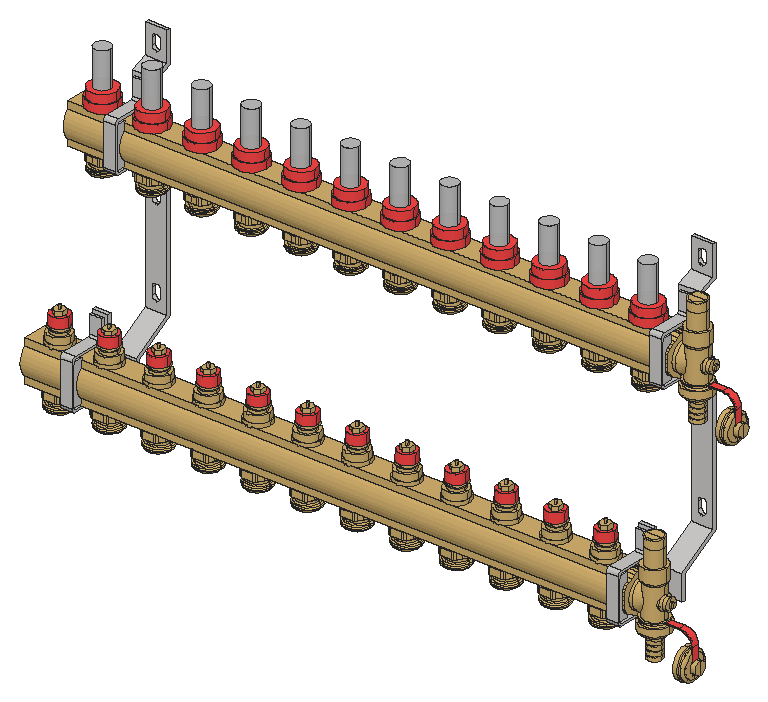
Revit family "Manifold FHF-F_2-12_RFA", category Pipe Accessories, Revit 2019
Family settings
  Round Connector Dimension = Use Diameter
  Part Type = Normal
  OmniClass Number = 23.65.55.14.17
  OmniClass Title = Adjusting/Controlling Valves for Liquid Services
  Work Plane-Based = No
  Always vertical = Yes
  Cut with Voids When Loaded = No
  Shared = No
Parameters (values of type "Manifold FHF-F_12+12_088U0532")
  z [instance] = Offset Z + 1000 mm  # 1213 mm
  y [instance] = Offset Y + 500 mm  # 523 mm
  x [instance] = Offset X + 1000 mm  # 1025 mm
  Offset Y [instance] = 23 mm
  W [instance] = 36 mm  # constant formula
  Valve Body Material = Danfoss Brass
  URL = "https://store.danfoss.com/en/Climate-Solutions-for-heating/Hydronic-floor-heating/Manifolds/c/4213?q=%3Arelevance%3Adanfoss_producttypehierarchydesc%3Acba38471099edfc44d464a9e35ed050af25c8245&text="
  Pressure Drop [instance] = 0.0 Pa
  Number of Circuits = 12
  Model Type = "Manifold FHF-F_12+12"
  Model = "088U0532"
  Max Working Temperature = "90 °C"  # constant formula
  Max Operating Pressure = "6 bar"  # constant formula
  Max Differential Pressure = "0.6 bar"  # constant formula
  Manufacturer = "Danfoss"  # constant formula
  Offset X [instance] = 25 mm
  Manual airvent [instance] = not(Automatic airvent)  # yes
  Length = L1 - 11 mm  # 600 mm
  LOD 350 = not(LOD 200)  # yes
  LOD 200 = no
  L1 = 611 mm
  L bracket = Number of Circuits * 50 mm - 50 mm  # 550 mm
  L = Length + 70 mm  # 670 mm
  IfcExportType = "FHF-F"  # constant formula
  IfcExportAs = "IfcValveType"  # constant formula
  Offset Z [instance] = 213 mm
  H2 = 38 mm  # constant formula
  H1 = 73.2 mm  # constant formula
  H [instance] = z - 1000 mm + H2 + H1  # 324.2 mm
  Flow 9 [instance] = 0.0 m³/h
  Flow 8 [instance] = 0.0 m³/h
  Flow 7 [instance] = 0.0 m³/h
  Flow 6 [instance] = 0.0 m³/h
  Flow 5 [instance] = 0.0 m³/h
  Flow 4 [instance] = 0.0 m³/h
  Flow 3 [instance] = 0.0 m³/h
  Flow 2 [instance] = 0.0 m³/h
  Flow 12 [instance] = 0.0 m³/h
  Flow 11 [instance] = 0.0 m³/h
  Flow 10 [instance] = 0.0 m³/h
  Flow 1 [instance] = 0.0 m³/h
  Flow [instance] = Flow 1 + Flow 2 + Flow 3 + Flow 4 + Flow 5 + Flow 6 + Flow 7 + Flow 8 + Flow 9 + Flow 10 + Flow 11 + Flow 12  # 0.0 m³/h
  End piece [instance] = if(Automatic airvent, [088U0785], [088U0786])  # _FHF-EA_EM : FHF-EM_088U0786
  Description = "Brass Manifold"  # constant formula
  D = 25 mm  # constant formula
  Automatic airvent [instance] = no
  Add bracket [instance] = yes
  088U0786 = _FHF-EA_EM : FHF-EM_088U0786
  088U0785 = _FHF-EA_EM : FHF-EA_088U0785
Reference planes
  plane 1 "Center (Front/Back)": y = 0
  plane 2: z = 0
  plane 3 "Center (Left/Right)": x = 0
  plane 4 "tube2": through (-27.999, -48.497, 1200) normal (0.9272, -0.3746, 0)
  plane 5: x = 600
  plane 6: z = -213
  plane 7: x = -25
  plane 8: x = 611
  plane 9: x = 25
  plane 10 "bottom manifold": y = -23
  plane 11: x = 575
  plane 12: x = 586
  plane 13: x = 0
  plane 14: x = 670.5
  plane 15 "H1": z = 73.2
  plane 16: z = -251
  plane 17: x = 670
  plane 18: z = -251
  plane 19: y = -18
  plane 20: y = 18
  plane 21: z = -251
  plane 22: x = 1000
  plane 23: z = 1000
  plane 24: y = 500
Forms (mm)
  Sweep 1, solid, material "Danfoss Brass" <- "Valve Body Material", visible <- "LOD 350", detail levels fine
    path origin (0, 0, 0) x (1, 0, 0) y (0, 0, 1)
      loop
        line (0, 0) -> (600, 0)
    profile origin (300, 0, 0) x (0, 0, 1) y (0, -1, 0)
      loop
        arc (-13.388, -12.476) -> (0, -18.3) -> (13.388, -12.476) r 18.3
        line (13.388, -12.476) -> (20.5, -12.476) -> (20.5, 12.476) -> (13.388, 12.476)
        arc (13.388, 12.476) -> (0, 18.3) -> (-13.388, 12.476) r 18.3
        line (-13.388, 12.476) -> (-20.5, 12.476) -> (-20.5, -12.476) -> (-13.388, -12.476)
  Sweep 2, solid, material "Danfoss Brass" <- "Valve Body Material", visible <- "LOD 350", detail levels fine
    path origin (-50, -23, 0) x (0, 0, 1) y (-1, 0, 0)
      loop
        line (-213, -25) -> (-213, -625)
    profile origin (275, -23, -213) x (0, 0, 1) y (0, -1, 0)
      loop
        arc (-13.388, -12.476) -> (0, -18.3) -> (13.388, -12.476) r 18.3
        line (13.388, -12.476) -> (20.5, -12.476) -> (20.5, 12.476) -> (13.388, 12.476)
        arc (13.388, 12.476) -> (0, 18.3) -> (-13.388, 12.476) r 18.3
        line (-13.388, 12.476) -> (-20.5, 12.476) -> (-20.5, -12.476) -> (-13.388, -12.476)
  Sweep 3, solid, material "Danfoss Brass" <- "Valve Body Material", visible <- "LOD 200", detail levels fine
    path origin (0, 0, 0) x (1, 0, 0) y (0, 0, 1)
      loop
        line (0, 0) -> (600, 0)
    profile origin (300, 0, 0) x (0, 0, 1) y (0, -1, 0)
      loop
        line (-20.5, -18.3) -> (20.5, -18.3) -> (20.5, 18.3) -> (-20.5, 18.3) -> (-20.5, -18.3)
  Sweep 4, solid, material "Danfoss Brass" <- "Valve Body Material", visible <- "LOD 200", detail levels fine
    path origin (-50, -23, 0) x (0, 0, 1) y (-1, 0, 0)
      loop
        line (-213, -25) -> (-213, -625)
    profile origin (275, -23, -213) x (0, 0, 1) y (0, -1, 0)
      loop
        line (-20.5, -18.3) -> (20.5, -18.3) -> (20.5, 18.3) -> (-20.5, 18.3) -> (-20.5, -18.3)
Dimensions and locks
  "L1": plane 8 to plane 3 "Center (Left/Right)"
  locked: plane 8 to plane 5 at 11
  locked: plane 9 to plane 3 "Center (Left/Right)" at 25
  equal spacing: group 1, group 2, group 5, group 7, group 8, group 11, group 12, group 13, group 14, group 15, group 16, group 17  (x3)
  locked: plane 12 to plane 11 at 11
  "L1": plane 12 to plane 7
  locked: plane 13 to plane 7 at 25
  plane 14 to plane 5 = 70.5 mm
  "H1": plane 15 "H1" to level
  "H2": plane 6 to plane 16
  "L": plane 17 to plane 3 "Center (Left/Right)"
  equal spacing: plane 19, plane 1 "Center (Front/Back)", plane 20
  "W": plane 19 to plane 20
  equal spacing: group 3, group 4, group 6, group 9, group 10, group 18, group 19, group 20, group 21, group 22, group 23, group 24  (x3)
  locked: nested 7 to nested 3 at 50
  locked: plane 5 to nested 6 at 10
  locked: plane 11 to nested 5 at 10
  "x": plane 22 to plane 7
  "y": plane 10 "bottom manifold" to plane 24
  "z": plane 23 to plane 6
  aligned and locked: level to plane 2
  aligned and locked: plane 9 to nested 1
  aligned and locked: level to nested 1
  aligned and locked: plane 5 to Sweep 1 sketch curve
  aligned and locked: Sweep 1 sketch curve to level
  aligned and locked: plane 3 "Center (Left/Right)" to Sweep 1 sketch curve
  aligned and locked: level to nested 2
  aligned and locked: plane 10 "bottom manifold" to nested 3
  aligned and locked: plane 10 "bottom manifold" to nested 5
  aligned and locked: plane 1 "Center (Front/Back)" to nested 6
  aligned and locked: plane 6 to nested 5
  aligned and locked: level to nested 6
  aligned and locked: plane 6 to nested 3
  aligned and locked: plane 13 to nested 3
  aligned and locked: plane 6 to nested 7
  aligned and locked: plane 10 "bottom manifold" to nested 7
Automatic sketch dimensions
  Sweep 1 sketch curve to Sweep 1 sketch curve = 0 mm  (x2)
  Sweep 1 sketch curve to profile plane = 0 mm
  profile plane to Sweep 1 sketch curve = 13.388 mm  (x2)
  Sweep 1 sketch curve to Sweep 1 sketch curve = 7.112 mm  (x2)
  Sweep 1 sketch curve to profile plane = 13.388 mm  (x2)
  Sweep 1 sketch curve to profile plane = 12.476 mm
  Sweep 1 sketch curve to Sweep 1 sketch curve = 12.476 mm  (x2)
  Sweep 2 sketch curve to plane 6 = 0 mm
  Sweep 2 sketch curve to plane 11 = 0 mm
  Sweep 2 sketch curve to plane 7 = 0 mm
  Sweep 2 sketch curve to Sweep 2 sketch curve = 0 mm  (x2)
  plane 10 "bottom manifold" to Sweep 2 sketch curve = 12.476 mm
  profile plane to Sweep 2 sketch curve = 20.5 mm
  Sweep 2 sketch curve to Sweep 2 sketch curve = 7.112 mm  (x3)
  Sweep 2 sketch curve to Sweep 2 sketch curve = 13.388 mm  (x3)
  Sweep 2 sketch curve to Sweep 2 sketch curve = 12.476 mm  (x2)
  Sweep 3 sketch curve to level = 0 mm
  Sweep 3 sketch curve to plane 3 "Center (Left/Right)" = 0 mm
  Sweep 3 sketch curve to plane 5 = 0 mm
  profile plane to Sweep 3 sketch curve = 20.5 mm
  Sweep 3 sketch curve to profile plane = 20.5 mm
  Sweep 3 sketch curve to plane 1 "Center (Front/Back)" = 18.3 mm
  plane 1 "Center (Front/Back)" to Sweep 3 sketch curve = 18.3 mm
  Sweep 4 sketch curve to plane 6 = 0 mm
  Sweep 4 sketch curve to plane 11 = 0 mm
  Sweep 4 sketch curve to plane 7 = 0 mm
  profile plane to Sweep 4 sketch curve = 20.5 mm
  Sweep 4 sketch curve to profile plane = 20.5 mm
  Sweep 4 sketch curve to plane 10 "bottom manifold" = 18.3 mm
  plane 10 "bottom manifold" to Sweep 4 sketch curve = 18.3 mm
Nested families
  nested 1: "Flowmeter_RFA" at (25, 0, 0), LOD 200 <- "LOD 200", type "Flowmeter_088U0819", detail levels fine
    with LOD 350 yes, LOD 200 no
  nested 2: "Flowmeter_RFA" at (75, 0, 0), LOD 200 <- "LOD 200", type "Flowmeter_088U0819", detail levels fine
    with LOD 350 yes, LOD 200 no
  nested 3: "Thermostatic valve_RFA" at (0, -23, -213), LOD 200 <- "LOD 200", type "Thermostatic valve", detail levels fine
    with LOD 350 yes, LOD 200 no
  nested 4: "FHF-F Symbol" at (0, 0, 0), x <- "Offset Y", y <- "Offset Z", length <- "Length", Number of Circuits <- "Number of Circuits", z <- "Offset X", Offset X <- "Offset X", Offset Y <- "Offset Y", Offset Z <- "Offset Z", type "FHF-F Symbol", detail levels coarse+medium
    with z 1213 mm, y 523 mm, x 1025 mm, length 600 mm, Offset Z 213 mm, Offset Y 23 mm, Offset X 25 mm, Number of Circuits 12, L 650 mm
  nested 5: "_FHF-EA_EM" at (565, -23, -213), type <- "End piece", type "FHF-EM_088U0786", detail levels fine
    with LOD 350 yes, LOD 200 no, FHF-EM350 yes, FHF-EM200 no, FHF-EA350 no, FHF-EA200 no
  nested 6: "_FHF-EA_EM" at (590, 0, 0), type <- "End piece", LOD 200 <- "LOD 200", type "FHF-EM_088U0786", detail levels fine
    with LOD 350 yes, LOD 200 no, FHF-EM350 yes, FHF-EM200 no, FHF-EA350 no, FHF-EA200 no
  nested 7: "Thermostatic valve_RFA" at (50, -23, -213), LOD 200 <- "LOD 200", type "Thermostatic valve", detail levels fine
    with LOD 350 yes, LOD 200 no
  nested 8: "Flowmeter_RFA" at (125, 0, 0), LOD 200 <- "LOD 200", type "Flowmeter_088U0819", detail levels fine
    with LOD 350 yes, LOD 200 no
  nested 9: "Thermostatic valve_RFA" at (100, -23, -213), LOD 200 <- "LOD 200", type "Thermostatic valve", detail levels fine
    with LOD 350 yes, LOD 200 no
  nested 10: "Flowmeter_RFA" at (175, 0, 0), LOD 200 <- "LOD 200", type "Flowmeter_088U0819", detail levels fine
    with LOD 350 yes, LOD 200 no
  nested 11: "Flowmeter_RFA" at (225, 0, 0), LOD 200 <- "LOD 200", type "Flowmeter_088U0819", detail levels fine
    with LOD 350 yes, LOD 200 no
  nested 12: "Thermostatic valve_RFA" at (150, -23, -213), LOD 200 <- "LOD 200", type "Thermostatic valve", detail levels fine
    with LOD 350 yes, LOD 200 no
  nested 13: "Thermostatic valve_RFA" at (200, -23, -213), LOD 200 <- "LOD 200", type "Thermostatic valve", detail levels fine
    with LOD 350 yes, LOD 200 no
  nested 14: "Flowmeter_RFA" at (275, 0, 0), LOD 200 <- "LOD 200", type "Flowmeter_088U0819", detail levels fine
    with LOD 350 yes, LOD 200 no
  nested 15: "Flowmeter_RFA" at (325, 0, 0), LOD 200 <- "LOD 200", type "Flowmeter_088U0819", detail levels fine
    with LOD 350 yes, LOD 200 no
  nested 16: "Flowmeter_RFA" at (375, 0, 0), LOD 200 <- "LOD 200", type "Flowmeter_088U0819", detail levels fine
    with LOD 350 yes, LOD 200 no
  nested 17: "Flowmeter_RFA" at (425, 0, 0), LOD 200 <- "LOD 200", type "Flowmeter_088U0819", detail levels fine
    with LOD 350 yes, LOD 200 no
  nested 18: "Flowmeter_RFA" at (475, 0, 0), LOD 200 <- "LOD 200", type "Flowmeter_088U0819", detail levels fine
    with LOD 350 yes, LOD 200 no
  nested 19: "Flowmeter_RFA" at (525, 0, 0), LOD 200 <- "LOD 200", type "Flowmeter_088U0819", detail levels fine
    with LOD 350 yes, LOD 200 no
  nested 20: "Flowmeter_RFA" at (575, 0, 0), LOD 200 <- "LOD 200", type "Flowmeter_088U0819", detail levels fine
    with LOD 350 yes, LOD 200 no
  nested 21: "Thermostatic valve_RFA" at (250, -23, -213), LOD 200 <- "LOD 200", type "Thermostatic valve", detail levels fine
    with LOD 350 yes, LOD 200 no
  nested 22: "Thermostatic valve_RFA" at (300, -23, -213), LOD 200 <- "LOD 200", type "Thermostatic valve", detail levels fine
    with LOD 350 yes, LOD 200 no
  nested 23: "Thermostatic valve_RFA" at (350, -23, -213), LOD 200 <- "LOD 200", type "Thermostatic valve", detail levels fine
    with LOD 350 yes, LOD 200 no
  nested 24: "Thermostatic valve_RFA" at (400, -23, -213), LOD 200 <- "LOD 200", type "Thermostatic valve", detail levels fine
    with LOD 350 yes, LOD 200 no
  nested 25: "Thermostatic valve_RFA" at (450, -23, -213), LOD 200 <- "LOD 200", type "Thermostatic valve", detail levels fine
    with LOD 350 yes, LOD 200 no
  nested 26: "Thermostatic valve_RFA" at (500, -23, -213), LOD 200 <- "LOD 200", type "Thermostatic valve", detail levels fine
    with LOD 350 yes, LOD 200 no
  nested 27: "Thermostatic valve_RFA" at (550, -23, -213), LOD 200 <- "LOD 200", type "Thermostatic valve", detail levels fine
    with LOD 350 yes, LOD 200 no
  nested 28: "_FHF-MB_RFA" at (41.303, 0, 0), LOD 200 <- "LOD 200", visible <- "Add bracket", L <- "L bracket", type "FHF-MB_088U0585", detail levels fine
    with LOD 350 yes, LOD 200 no, L 550 mm
Connectors
  piping at (25, 0, -38.8), diameter 20, driven by "Flow 1"
    settings: on nested 1, index 1, connector inside diameter 609.6 mm, connector length 0 mm, flow factor 0, pipe flow 0.0 m³/h, pressure drop 0.0 Pa, fitting loss kfactor 0, connector angle 0.00°, fixture units 0, engagement length 0 mm, angle of deflection 0.00°, flow configuration 0, flow direction 2, fitting loss method 0, system type 7, joint type 0, gender type 0, connector reference index -1, connector utility 0, adjustable connector no, is connector primary no, connector description "Supply1"
  piping at (75, 0, -38.8), diameter 20, driven by "Flow 2"
    settings: on nested 2, index 2, connector inside diameter 609.6 mm, connector length 0 mm, flow factor 0, pipe flow 0.0 m³/h, pressure drop 0.0 Pa, fitting loss kfactor 0, connector angle 0.00°, fixture units 0, engagement length 0 mm, angle of deflection 0.00°, flow configuration 0, flow direction 2, fitting loss method 0, system type 7, joint type 0, gender type 0, connector reference index -1, connector utility 0, adjustable connector no, is connector primary no, connector description "Supply2"
  piping at (0, 0, 0), diameter 25, driven by "D", driven by "Flow"
    settings: on Sweep 1, index 35, connector inside diameter 609.6 mm, connector length 0 mm, flow factor 0, pipe flow 0.0 m³/h, pressure drop 0.0 Pa, fitting loss kfactor 0, connector angle 0.00°, fixture units 0, engagement length 0 mm, angle of deflection 0.00°, flow configuration 1, flow direction 1, fitting loss method 0, system type 7, joint type 0, gender type 0, connector reference index -1, connector utility 0, adjustable connector no, is connector primary yes, connector description "SupplyMain"
  piping at (-25, -23, -213), diameter 25, driven by "D", driven by "Flow"
    settings: on Sweep 2, index 36, connector inside diameter 609.6 mm, connector length 0 mm, flow factor 0, pipe flow 0.0 m³/h, pressure drop 0.0 Pa, fitting loss kfactor 0, connector angle 0.00°, fixture units 0, engagement length 0 mm, angle of deflection 0.00°, flow configuration 1, flow direction 2, fitting loss method 0, system type 8, joint type 0, gender type 0, connector reference index -1, connector utility 0, adjustable connector no, is connector primary no, connector description "ReturnMain"
  piping at (50, -23, -251.5), diameter 20, driven by "Flow 2"
    settings: on nested 7, index 37, connector inside diameter 609.6 mm, connector length 0 mm, flow factor 0, pipe flow 0.0 m³/h, pressure drop 0.0 Pa, fitting loss kfactor 0, connector angle 0.00°, fixture units 0, engagement length 0 mm, angle of deflection 0.00°, flow configuration 0, flow direction 1, fitting loss method 0, system type 8, joint type 0, gender type 0, connector reference index -1, connector utility 0, adjustable connector no, is connector primary no, connector description "Return2"
  piping at (100, -23, -251.5), diameter 20, driven by "Flow 3"
    settings: on nested 9, index 38, connector inside diameter 609.6 mm, connector length 0 mm, flow factor 0, pipe flow 0.0 m³/h, pressure drop 0.0 Pa, fitting loss kfactor 0, connector angle 0.00°, fixture units 0, engagement length 0 mm, angle of deflection 0.00°, flow configuration 0, flow direction 1, fitting loss method 0, system type 8, joint type 0, gender type 0, connector reference index -1, connector utility 0, adjustable connector no, is connector primary no, connector description "Return3"
  piping at (150, -23, -251.5), diameter 20, driven by "Flow 4"
    settings: on nested 12, index 39, connector inside diameter 609.6 mm, connector length 0 mm, flow factor 0, pipe flow 0.0 m³/h, pressure drop 0.0 Pa, fitting loss kfactor 0, connector angle 0.00°, fixture units 0, engagement length 0 mm, angle of deflection 0.00°, flow configuration 0, flow direction 1, fitting loss method 0, system type 8, joint type 0, gender type 0, connector reference index -1, connector utility 0, adjustable connector no, is connector primary no, connector description "Return4"
  piping at (200, -23, -251.5), diameter 20, driven by "Flow 5"
    settings: on nested 13, index 40, connector inside diameter 609.6 mm, connector length 0 mm, flow factor 0, pipe flow 0.0 m³/h, pressure drop 0.0 Pa, fitting loss kfactor 0, connector angle 0.00°, fixture units 0, engagement length 0 mm, angle of deflection 0.00°, flow configuration 0, flow direction 1, fitting loss method 0, system type 8, joint type 0, gender type 0, connector reference index -1, connector utility 0, adjustable connector no, is connector primary no, connector description "Return5"
  piping at (250, -23, -251.5), diameter 20, driven by "Flow 6"
    settings: on nested 21, index 41, connector inside diameter 609.6 mm, connector length 0 mm, flow factor 0, pipe flow 0.0 m³/h, pressure drop 0.0 Pa, fitting loss kfactor 0, connector angle 0.00°, fixture units 0, engagement length 0 mm, angle of deflection 0.00°, flow configuration 0, flow direction 1, fitting loss method 0, system type 8, joint type 0, gender type 0, connector reference index -1, connector utility 0, adjustable connector no, is connector primary no, connector description "Return6"
  piping at (300, -23, -251.5), diameter 20, driven by "Flow 7"
    settings: on nested 22, index 42, connector inside diameter 609.6 mm, connector length 0 mm, flow factor 0, pipe flow 0.0 m³/h, pressure drop 0.0 Pa, fitting loss kfactor 0, connector angle 0.00°, fixture units 0, engagement length 0 mm, angle of deflection 0.00°, flow configuration 0, flow direction 1, fitting loss method 0, system type 8, joint type 0, gender type 0, connector reference index -1, connector utility 0, adjustable connector no, is connector primary no, connector description "Return7"
  piping at (350, -23, -251.5), diameter 20, driven by "Flow 8"
    settings: on nested 23, index 43, connector inside diameter 609.6 mm, connector length 0 mm, flow factor 0, pipe flow 0.0 m³/h, pressure drop 0.0 Pa, fitting loss kfactor 0, connector angle 0.00°, fixture units 0, engagement length 0 mm, angle of deflection 0.00°, flow configuration 0, flow direction 1, fitting loss method 0, system type 8, joint type 0, gender type 0, connector reference index -1, connector utility 0, adjustable connector no, is connector primary no, connector description "Return8"
  piping at (400, -23, -251.5), diameter 20, driven by "Flow 9"
    settings: on nested 24, index 44, connector inside diameter 609.6 mm, connector length 0 mm, flow factor 0, pipe flow 0.0 m³/h, pressure drop 0.0 Pa, fitting loss kfactor 0, connector angle 0.00°, fixture units 0, engagement length 0 mm, angle of deflection 0.00°, flow configuration 0, flow direction 1, fitting loss method 0, system type 8, joint type 0, gender type 0, connector reference index -1, connector utility 0, adjustable connector no, is connector primary no, connector description "Return9"
  piping at (450, -23, -251.5), diameter 20, driven by "Flow 10"
    settings: on nested 25, index 45, connector inside diameter 609.6 mm, connector length 0 mm, flow factor 0, pipe flow 0.0 m³/h, pressure drop 0.0 Pa, fitting loss kfactor 0, connector angle 0.00°, fixture units 0, engagement length 0 mm, angle of deflection 0.00°, flow configuration 0, flow direction 1, fitting loss method 0, system type 8, joint type 0, gender type 0, connector reference index -1, connector utility 0, adjustable connector no, is connector primary no, connector description "Return10"
  piping at (500, -23, -251.5), diameter 20, driven by "Flow 11"
    settings: on nested 26, index 46, connector inside diameter 609.6 mm, connector length 0 mm, flow factor 0, pipe flow 0.0 m³/h, pressure drop 0.0 Pa, fitting loss kfactor 0, connector angle 0.00°, fixture units 0, engagement length 0 mm, angle of deflection 0.00°, flow configuration 0, flow direction 1, fitting loss method 0, system type 8, joint type 0, gender type 0, connector reference index -1, connector utility 0, adjustable connector no, is connector primary no, connector description "Return11"
  piping at (550, -23, -251.5), diameter 20, driven by "Flow 12"
    settings: on nested 27, index 47, connector inside diameter 609.6 mm, connector length 0 mm, flow factor 0, pipe flow 0.0 m³/h, pressure drop 0.0 Pa, fitting loss kfactor 0, connector angle 0.00°, fixture units 0, engagement length 0 mm, angle of deflection 0.00°, flow configuration 0, flow direction 1, fitting loss method 0, system type 8, joint type 0, gender type 0, connector reference index -1, connector utility 0, adjustable connector no, is connector primary no, connector description "Return12"
  piping at (125, 0, -38.8), diameter 20, driven by "Flow 3"
    settings: on nested 8, index 48, connector inside diameter 609.6 mm, connector length 0 mm, flow factor 0, pipe flow 0.0 m³/h, pressure drop 0.0 Pa, fitting loss kfactor 0, connector angle 0.00°, fixture units 0, engagement length 0 mm, angle of deflection 0.00°, flow configuration 0, flow direction 2, fitting loss method 0, system type 7, joint type 0, gender type 0, connector reference index -1, connector utility 0, adjustable connector no, is connector primary no, connector description "Supply3"
  piping at (175, 0, -38.8), diameter 20, driven by "Flow 4"
    settings: on nested 10, index 49, connector inside diameter 609.6 mm, connector length 0 mm, flow factor 0, pipe flow 0.0 m³/h, pressure drop 0.0 Pa, fitting loss kfactor 0, connector angle 0.00°, fixture units 0, engagement length 0 mm, angle of deflection 0.00°, flow configuration 0, flow direction 2, fitting loss method 0, system type 7, joint type 0, gender type 0, connector reference index -1, connector utility 0, adjustable connector no, is connector primary no, connector description "Supply4"
  piping at (225, 0, -38.8), diameter 20, driven by "Flow 5"
    settings: on nested 11, index 50, connector inside diameter 609.6 mm, connector length 0 mm, flow factor 0, pipe flow 0.0 m³/h, pressure drop 0.0 Pa, fitting loss kfactor 0, connector angle 0.00°, fixture units 0, engagement length 0 mm, angle of deflection 0.00°, flow configuration 0, flow direction 2, fitting loss method 0, system type 7, joint type 0, gender type 0, connector reference index -1, connector utility 0, adjustable connector no, is connector primary no, connector description "Supply5"
  piping at (275, 0, -38.8), diameter 20, driven by "Flow 6"
    settings: on nested 14, index 51, connector inside diameter 609.6 mm, connector length 0 mm, flow factor 0, pipe flow 0.0 m³/h, pressure drop 0.0 Pa, fitting loss kfactor 0, connector angle 0.00°, fixture units 0, engagement length 0 mm, angle of deflection 0.00°, flow configuration 0, flow direction 2, fitting loss method 0, system type 7, joint type 0, gender type 0, connector reference index -1, connector utility 0, adjustable connector no, is connector primary no, connector description "Supply6"
  piping at (325, 0, -38.8), diameter 20, driven by "Flow 7"
    settings: on nested 15, index 52, connector inside diameter 609.6 mm, connector length 0 mm, flow factor 0, pipe flow 0.0 m³/h, pressure drop 0.0 Pa, fitting loss kfactor 0, connector angle 0.00°, fixture units 0, engagement length 0 mm, angle of deflection 0.00°, flow configuration 0, flow direction 2, fitting loss method 0, system type 7, joint type 0, gender type 0, connector reference index -1, connector utility 0, adjustable connector no, is connector primary no, connector description "Supply7"
  piping at (375, 0, -38.8), diameter 20, driven by "Flow 8"
    settings: on nested 16, index 53, connector inside diameter 609.6 mm, connector length 0 mm, flow factor 0, pipe flow 0.0 m³/h, pressure drop 0.0 Pa, fitting loss kfactor 0, connector angle 0.00°, fixture units 0, engagement length 0 mm, angle of deflection 0.00°, flow configuration 0, flow direction 2, fitting loss method 0, system type 7, joint type 0, gender type 0, connector reference index -1, connector utility 0, adjustable connector no, is connector primary no, connector description "Supply8"
  piping at (425, 0, -38.8), diameter 20, driven by "Flow 9"
    settings: on nested 17, index 54, connector inside diameter 609.6 mm, connector length 0 mm, flow factor 0, pipe flow 0.0 m³/h, pressure drop 0.0 Pa, fitting loss kfactor 0, connector angle 0.00°, fixture units 0, engagement length 0 mm, angle of deflection 0.00°, flow configuration 0, flow direction 2, fitting loss method 0, system type 7, joint type 0, gender type 0, connector reference index -1, connector utility 0, adjustable connector no, is connector primary no, connector description "Supply9"
  piping at (475, 0, -38.8), diameter 20, driven by "Flow 10"
    settings: on nested 18, index 55, connector inside diameter 609.6 mm, connector length 0 mm, flow factor 0, pipe flow 0.0 m³/h, pressure drop 0.0 Pa, fitting loss kfactor 0, connector angle 0.00°, fixture units 0, engagement length 0 mm, angle of deflection 0.00°, flow configuration 0, flow direction 2, fitting loss method 0, system type 7, joint type 0, gender type 0, connector reference index -1, connector utility 0, adjustable connector no, is connector primary no, connector description "Supply10"
  piping at (525, 0, -38.8), diameter 20, driven by "Flow 11"
    settings: on nested 19, index 56, connector inside diameter 609.6 mm, connector length 0 mm, flow factor 0, pipe flow 0.0 m³/h, pressure drop 0.0 Pa, fitting loss kfactor 0, connector angle 0.00°, fixture units 0, engagement length 0 mm, angle of deflection 0.00°, flow configuration 0, flow direction 2, fitting loss method 0, system type 7, joint type 0, gender type 0, connector reference index -1, connector utility 0, adjustable connector no, is connector primary no, connector description "Supply11"
  piping at (575, 0, -38.8), diameter 20, driven by "Flow 12"
    settings: on nested 20, index 57, connector inside diameter 609.6 mm, connector length 0 mm, flow factor 0, pipe flow 0.0 m³/h, pressure drop 0.0 Pa, fitting loss kfactor 0, connector angle 0.00°, fixture units 0, engagement length 0 mm, angle of deflection 0.00°, flow configuration 0, flow direction 2, fitting loss method 0, system type 7, joint type 0, gender type 0, connector reference index -1, connector utility 0, adjustable connector no, is connector primary no, connector description "Supply12"
  piping at (0, -23, -251.5), diameter 20, driven by "Flow 1"
    settings: on nested 3, index 58, connector inside diameter 609.6 mm, connector length 0 mm, flow factor 0, pipe flow 0.0 m³/h, pressure drop 0.0 Pa, fitting loss kfactor 0, connector angle 0.00°, fixture units 0, engagement length 0 mm, angle of deflection 0.00°, flow configuration 0, flow direction 1, fitting loss method 0, system type 8, joint type 0, gender type 0, connector reference index -1, connector utility 0, adjustable connector no, is connector primary no, connector description "Return1"
Definition of nested family "Flowmeter_RFA"
  Parameters (values of type "Flowmeter_088U0819")
    W = 30 mm
    Valve Body Material = none
    Model Type = "Flowmeter"
    Model = "088U0819"
    Manufacturer = "Danfoss"
    LOD 350 [instance] = not(LOD 200)  # yes
    LOD 200 [instance] = no
    L = 28.004 mm
    IfcExportType = "Flowmeter"  # constant formula
    IfcExportAs = "IfcValveType"  # constant formula
    H = 112 mm
  Reference planes
    plane 1 "Center (Front/Back)": y = 0
    plane 2: z = 0
    plane 3 "Center (Left/Right)": x = 0
    plane 4: z = 73.2
    plane 5: z = -38.8
    plane 6: x = -14.002
    plane 7: x = 14.002
    plane 8: y = 15
    plane 9: y = -15
  Forms (mm)
    Revolve 1, solid, material <- "Valve Body Material", visible <- "LOD 350"
      sketch origin (0, 0, 0) x (1, 0, 0) y (0, 0, 1)
        loop
          line (-11.46, -28.19) -> (-11.002, -29.296) -> (-11.002, -32.521) -> (-12.724, -33.515) -> (-11.975, -34.265) -> (-13.299, -34.813) -> (-11.587, -35.801) -> (-13.373, -36.832) -> (-11.722, -38.8) -> (0, -38.8) -> (0, -27.8) -> (-12.532, -27.8) -> (-11.46, -28.19)
        axis (0, -27.8) -> (0, -38.8)
      angle from 0 to 360
    Extrusion 2, solid, material <- "Valve Body Material", visible <- "LOD 350"
      sketch origin (0, 0, 0) x (1, 0, 0) y (0, 1, 0)
        loop
          line (7.25, -12.557) -> (9.02, -11.378) -> (11.691, -6.75) -> (12.919, -4.623) -> (12.919, 4.623) -> (11.691, 6.75) -> (9.02, 11.378) -> (7.25, 12.557) -> (5.344, 13.5) -> (0, 13.5) -> (-5.344, 13.5) -> (-7.25, 12.557) -> (-9.02, 11.378) -> (-11.691, 6.75) -> (-12.919, 4.623) -> (-12.919, -4.623) -> (-11.691, -6.75) -> (-9.02, -11.378) -> (-7.25, -12.557) -> (-5.344, -13.5) -> (0, -13.5) -> (5.344, -13.5) -> (7.25, -12.557)
      from -27.5 to -20.5
    Revolve 3, solid, material <- "Valve Body Material", visible <- "LOD 200"
      sketch origin (0, 0, 0) x (1, 0, 0) y (0, 0, 1)
        loop
          line (-0.1, -38.8) -> (-0.1, -20.8) -> (-13, -20.8) -> (-13, -38.8) -> (-0.1, -38.8)
        axis (-0.1, -20.8) -> (-0.1, -38.8)
      angle from 0 to 360
    Extrusion 4, solid, visible <- "LOD 350"
      sketch origin (0, 0, 0) x (1, 0, 0) y (0, 1, 0)
        loop
          circle (0, 0) r 8.218
      from 37 to 73.2
    Extrusion 5, solid, visible <- "LOD 350"
      sketch origin (0, 0, 0) x (1, 0, 0) y (0, 1, 0)
        loop
          circle (0, 0) r 13.718
      from 28.491 to 37
    Extrusion 6, solid, visible <- "LOD 350"
      sketch origin (0, 0, 0) x (1, 0, 0) y (0, 1, 0)
        loop
          circle (0, 0) r 15.343
      from 20.5 to 28.491
    Extrusion 7, solid, visible <- "LOD 200"
      sketch origin (0, 0, 0) x (1, 0, 0) y (0, 1, 0)
        loop
          circle (0, 0) r 14.976
      from 20.5 to 37
    Extrusion 8, solid, visible <- "LOD 200"
      sketch origin (0, 0, 0) x (1, 0, 0) y (0, 1, 0)
        loop
          circle (0, 0) r 8.307
      from 37 to 73.2
  Dimensions and locks
    equal spacing: plane 7, plane 3 "Center (Left/Right)", plane 6
    "L": plane 7 to plane 6
    equal spacing: plane 9, plane 1 "Center (Front/Back)", plane 8
    "W": plane 9 to plane 8
    "H": plane 4 to plane 5
    aligned and locked: level to plane 2
  Automatic sketch dimensions
    Revolve 3 sketch curve to plane 5 = 0 mm  (x2)
    plane 6 to Revolve 3 sketch curve = 1.002 mm
    Revolve 3 sketch curve to plane 3 "Center (Left/Right)" = 0.1 mm
    Revolve 3 sketch curve to plane 5 = 18 mm
    Revolve 3 sketch curve to Revolve 3 sketch curve = 0 mm  (x2)
    Revolve 1 sketch curve to plane 5 = 0 mm  (x2)
    Revolve 1 sketch curve to plane 3 "Center (Left/Right)" = 0 mm  (x2)
    plane 6 to Revolve 1 sketch curve = 3 mm
    Revolve 1 sketch curve to Revolve 1 sketch curve = 0.458 mm
    plane 6 to Revolve 1 sketch curve = 2.415 mm
    plane 6 to Revolve 1 sketch curve = 2.28 mm
    Revolve 1 sketch curve to Revolve 1 sketch curve = 0.387 mm
    Revolve 1 sketch curve to Revolve 1 sketch curve = 0.749 mm  (x2)
    plane 6 to Revolve 1 sketch curve = 0.703 mm
    plane 6 to Revolve 1 sketch curve = 0.629 mm
    Revolve 1 sketch curve to plane 5 = 1.968 mm
    Revolve 1 sketch curve to Revolve 1 sketch curve = 1.031 mm
    Revolve 1 sketch curve to Revolve 1 sketch curve = 0.988 mm
    Revolve 1 sketch curve to Revolve 1 sketch curve = 0.548 mm
    Revolve 1 sketch curve to Revolve 1 sketch curve = 0.994 mm
    Revolve 1 sketch curve to Revolve 1 sketch curve = 3.225 mm
    Revolve 1 sketch curve to Revolve 1 sketch curve = 1.106 mm
    Revolve 1 sketch curve to Revolve 1 sketch curve = 1.071 mm
    Revolve 1 sketch curve to Revolve 1 sketch curve = 0.39 mm
    Revolve 1 sketch curve to Revolve 1 sketch curve = 0 mm
    Extrusion 2 sketch curve to plane 3 "Center (Left/Right)" = 0 mm  (x2)
    Extrusion 2 sketch curve to Extrusion 2 sketch curve = 5.344 mm
    Extrusion 2 sketch curve to plane 3 "Center (Left/Right)" = 5.344 mm
    Extrusion 2 sketch curve to Extrusion 2 sketch curve = 1.906 mm  (x4)
    Extrusion 2 sketch curve to Extrusion 2 sketch curve = 1.77 mm  (x4)
    plane 6 to Extrusion 2 sketch curve = 2.311 mm  (x2)
    plane 6 to Extrusion 2 sketch curve = 1.083 mm
    plane 3 "Center (Left/Right)" to Extrusion 2 sketch curve = 5.344 mm  (x2)
    Extrusion 2 sketch curve to plane 7 = 2.311 mm  (x2)
    Extrusion 2 sketch curve to Extrusion 2 sketch curve = 4.628 mm  (x4)
    Extrusion 2 sketch curve to Extrusion 2 sketch curve = 2.127 mm  (x4)
    Extrusion 2 sketch curve to plane 1 "Center (Front/Back)" = 4.623 mm  (x2)
    Extrusion 2 sketch curve to plane 7 = 1.083 mm
    plane 1 "Center (Front/Back)" to Extrusion 7 sketch curve = 0 mm
    Extrusion 7 sketch curve to plane 3 "Center (Left/Right)" = 0 mm
    plane 1 "Center (Front/Back)" to Extrusion 8 sketch curve = 0 mm
    Extrusion 8 sketch curve to plane 3 "Center (Left/Right)" = 0 mm
    Extrusion 2 sketch curve to Extrusion 2 sketch curve = 1.18 mm  (x4)
    Extrusion 2 sketch curve to Extrusion 2 sketch curve = 0.943 mm  (x2)
    plane 1 "Center (Front/Back)" to Extrusion 2 sketch curve = 4.623 mm  (x2)
    plane 1 "Center (Front/Back)" to Extrusion 4 sketch curve = 0 mm
    Extrusion 4 sketch curve to plane 3 "Center (Left/Right)" = 0 mm
    plane 1 "Center (Front/Back)" to Extrusion 5 sketch curve = 0 mm
    Extrusion 5 sketch curve to plane 3 "Center (Left/Right)" = 0 mm
    plane 1 "Center (Front/Back)" to Extrusion 6 sketch curve = 0 mm
    Extrusion 6 sketch curve to plane 3 "Center (Left/Right)" = 0 mm
    radius of Extrusion 7 sketch curve = 14.976 mm
    radius of Extrusion 8 sketch curve = 8.307 mm
    radius of Extrusion 4 sketch curve = 8.218 mm
    radius of Extrusion 5 sketch curve = 13.718 mm
    radius of Extrusion 6 sketch curve = 15.343 mm
Definition of nested family "Thermostatic valve_RFA"
  Parameters (values of type "Thermostatic valve")
    W = 26 mm
    Valve Body Material = none
    Manufacturer = "Danfoss"  # constant formula
    LOD 350 [instance] = not(LOD 200)  # no
    LOD 200 [instance] = yes
    L = 28.004 mm
    IfcExportType = "SSM, FHF"  # constant formula
    IfcExportAs = "IfcValveType"  # constant formula
    H = 93 mm
  Reference planes
    plane 1 "Center (Front/Back)": y = 0
    plane 2: z = 0
    plane 3 "Center (Left/Right)": x = 0
    plane 4: z = -38.5
    plane 5: x = -14.002
    plane 6: x = 14.002
    plane 7: y = -13
    plane 8: y = 13
    plane 9: z = 54.5
  Forms (mm)
    Revolve 1, solid, material <- "Valve Body Material", visible <- "LOD 350"
      sketch origin (0, 0, 0) x (1, 0, 0) y (0, 0, 1)
        loop
          line (0, 20.003) -> (0, 36.9) -> (-9.946, 36.9) -> (-9.946, 35.076) -> (-8.2, 33.33) -> (-8.2, 30.4) -> (-11.484, 30.4) -> (-11.484, 23.8) -> (-12.598, 23.8) -> (-12.598, 20.003) -> (0, 20.003)
        axis (0, 36.9) -> (0, 20.003)
      angle from 0 to 360
    Revolve 2, solid, material <- "Valve Body Material", visible <- "LOD 350"
      sketch origin (0, 0, 0) x (1, 0, 0) y (0, 0, 1)
        loop
          line (-11.002, -31.352) -> (-11.844, -32.811) -> (-13.369, -33.669) -> (-11.682, -34.6) -> (-13.394, -35.465) -> (-11.771, -36.361) -> (-13.103, -37.119) -> (-11.722, -38.5) -> (0, -38.5) -> (0, -27.5) -> (-12.504, -27.5)
          arc (-12.504, -27.5) -> (-11.442, -27.94) -> (-11.002, -29.002) r 1.502
          line (-11.002, -29.002) -> (-11.002, -31.352)
        axis (0, -27.5) -> (0, -38.5)
      angle from 0 to 360
    Extrusion 3, solid, material <- "Valve Body Material", visible <- "LOD 350"
      sketch origin (0, 0, 0) x (1, 0, 0) y (0, 1, 0)
        loop
          line (7.252, -12.557) -> (9.021, -11.378) -> (11.812, -6.545) -> (14.193, -2.42) -> (14.193, 2.42) -> (11.812, 6.545) -> (9.021, 11.378) -> (7.252, 12.557) -> (5.579, 13.385) -> (-5.579, 13.385) -> (-7.252, 12.557) -> (-9.021, 11.378) -> (-11.812, 6.545) -> (-14.193, 2.42) -> (-14.193, -2.42) -> (-11.812, -6.545) -> (-9.021, -11.378) -> (-7.252, -12.557) -> (-5.579, -13.385) -> (5.579, -13.385) -> (7.252, -12.557)
      from -27.5 to -20.5
    Revolve 4, solid, material <- "Valve Body Material", visible <- "LOD 200"
      sketch origin (0, 0, 0) x (1, 0, 0) y (0, 0, 1)
        loop
          line (0, 20.277) -> (12.78, 20.277) -> (12.78, 36.9) -> (0, 36.9) -> (0, 20.277)
        axis (0, 36.9) -> (0, 20.277)
      angle from 0 to 360
    Revolve 5, solid, material <- "Valve Body Material", visible <- "LOD 200"
      sketch origin (0, 0, 0) x (1, 0, 0) y (0, 0, 1)
        loop
          line (-0.1, -38.5) -> (-0.1, -20.5) -> (-13, -20.5) -> (-13, -38.5) -> (-0.1, -38.5)
        axis (-0.1, -20.5) -> (-0.1, -38.5)
      angle from 0 to 360
    Revolve 6, solid, material <- "Valve Body Material", visible <- "LOD 350"
      sketch origin (0, 0, 0) x (1, 0, 0) y (0, 0, 1)
        loop
          line (0, 50.7) -> (0, 54.302) -> (-1.003, 54.302) -> (-1.003, 50.7) -> (0, 50.7)
        axis (0, 54.302) -> (0, 50.7)
      angle from 0 to 360
    Extrusion 7, solid, material <- "Valve Body Material", visible <- "LOD 350"
      sketch origin (0, 0, 0) x (1, 0, 0) y (0, 1, 0)
        loop
          line (5.002, 2.887) -> (0.002, 5.774) -> (-4.998, 2.887) -> (-4.998, -2.887) -> (0.002, -5.774) -> (5.002, -2.887) -> (5.002, 2.887)
      from 46.7 to 50.7
    Revolve 8, solid, visible <- "LOD 200"
      sketch origin (0, 0, 0) x (1, 0, 0) y (0, 0, 1)
        loop
          line (0, 36.9) -> (8.896, 36.9) -> (8.896, 46.7) -> (0, 46.7) -> (0, 36.9)
        axis (0, 46.7) -> (0, 36.9)
      angle from 0 to 360
    Revolve 9, solid, material <- "Valve Body Material", visible <- "LOD 200"
      sketch origin (0, 0, 0) x (1, 0, 0) y (0, 0, 1)
        loop
          line (0, 54.3) -> (0, 46.7) -> (5, 46.7) -> (5, 54.3) -> (0, 54.3)
        axis (0, 46.7) -> (0, 54.3)
      angle from 0 to 360
    Revolve 10, solid, visible <- "LOD 350"
      sketch origin (0, 0, 0) x (1, 0, 0) y (0, 0, 1)
        loop
          line (0, 36.9) -> (9.285, 36.9) -> (9.217, 46.7) -> (0, 46.7) -> (0, 36.9)
        axis (0, 46.7) -> (0, 36.9)
      angle from 0 to 360
  Dimensions and locks
    equal spacing: plane 6, plane 3 "Center (Left/Right)", plane 5
    "L": plane 6 to plane 5
    equal spacing: plane 7, plane 1 "Center (Front/Back)", plane 8
    "W": plane 7 to plane 8
    "H": plane 9 to plane 4
    aligned and locked: level to plane 2
  Automatic sketch dimensions
    Revolve 5 sketch curve to plane 4 = 0 mm  (x2)
    plane 5 to Revolve 5 sketch curve = 1.002 mm
    Revolve 5 sketch curve to plane 3 "Center (Left/Right)" = 0.1 mm
    Revolve 5 sketch curve to plane 4 = 18 mm
    Revolve 5 sketch curve to Revolve 5 sketch curve = 0 mm  (x2)
    Revolve 2 sketch curve to plane 4 = 0 mm  (x2)
    Revolve 2 sketch curve to plane 3 "Center (Left/Right)" = 0 mm  (x2)
    plane 5 to Revolve 2 sketch curve = 3 mm
    plane 5 to Revolve 2 sketch curve = 2.32 mm
    plane 5 to Revolve 2 sketch curve = 2.28 mm
    Revolve 2 sketch curve to Revolve 2 sketch curve = 0.089 mm
    Revolve 2 sketch curve to Revolve 2 sketch curve = 0.842 mm
    plane 5 to Revolve 2 sketch curve = 1.498 mm
    plane 5 to Revolve 2 sketch curve = 0.899 mm
    plane 5 to Revolve 2 sketch curve = 0.633 mm
    plane 5 to Revolve 2 sketch curve = 0.608 mm
    Revolve 2 sketch curve to plane 4 = 1.381 mm
    Revolve 2 sketch curve to Revolve 2 sketch curve = 0.759 mm
    Revolve 2 sketch curve to Revolve 2 sketch curve = 1.654 mm
    Revolve 2 sketch curve to Revolve 2 sketch curve = 1.761 mm
    Revolve 2 sketch curve to Revolve 2 sketch curve = 1.796 mm
    Revolve 2 sketch curve to Revolve 2 sketch curve = 0.858 mm
    Revolve 2 sketch curve to Revolve 2 sketch curve = 1.459 mm
    Revolve 2 sketch curve to Revolve 2 sketch curve = 2.35 mm
    Revolve 2 sketch curve to Revolve 2 sketch curve = 11 mm
    Revolve 2 sketch curve to Revolve 2 sketch curve = 0 mm
    Extrusion 3 sketch curve to plane 5 = 0.191 mm
    Extrusion 3 sketch curve to plane 7 = 1.622 mm  (x2)
    plane 5 to Extrusion 3 sketch curve = 4.981 mm  (x2)
    plane 8 to Extrusion 3 sketch curve = 1.622 mm  (x2)
    Extrusion 3 sketch curve to plane 7 = 0.443 mm  (x2)
    Extrusion 3 sketch curve to Extrusion 3 sketch curve = 1.77 mm  (x4)
    plane 8 to Extrusion 3 sketch curve = 0.443 mm  (x2)
    Extrusion 3 sketch curve to plane 8 = 0.385 mm
    Extrusion 3 sketch curve to Extrusion 3 sketch curve = 1.673 mm  (x4)
    plane 7 to Extrusion 3 sketch curve = 0.385 mm
    plane 3 "Center (Left/Right)" to Extrusion 3 sketch curve = 5.579 mm  (x2)
    plane 1 "Center (Front/Back)" to Extrusion 3 sketch curve = 2.42 mm  (x2)
    Extrusion 3 sketch curve to plane 1 "Center (Front/Back)" = 2.42 mm  (x2)
    plane 5 to Extrusion 3 sketch curve = 2.19 mm  (x2)
    Extrusion 3 sketch curve to Extrusion 3 sketch curve = 0 mm  (x8)
    Extrusion 3 sketch curve to plane 6 = 2.19 mm  (x2)
    plane 6 to Extrusion 3 sketch curve = 0.191 mm
    Extrusion 3 sketch curve to Extrusion 3 sketch curve = 4.833 mm
    Extrusion 3 sketch curve to Extrusion 3 sketch curve = 4.125 mm  (x3)
    Revolve 6 sketch curve to plane 3 "Center (Left/Right)" = 0 mm  (x2)
    Revolve 6 sketch curve to plane 3 "Center (Left/Right)" = 1.003 mm
    Revolve 6 sketch curve to Revolve 6 sketch curve = 3.602 mm
    Revolve 6 sketch curve to Revolve 6 sketch curve = 0 mm  (x2)
    Extrusion 7 sketch curve to plane 3 "Center (Left/Right)" = 4.998 mm
    plane 3 "Center (Left/Right)" to Extrusion 7 sketch curve = 0.002 mm  (x2)
    plane 3 "Center (Left/Right)" to Extrusion 7 sketch curve = 5.002 mm
    plane 1 "Center (Front/Back)" to Extrusion 7 sketch curve = 5.774 mm
    plane 1 "Center (Front/Back)" to Extrusion 7 sketch curve = 2.887 mm  (x2)
    Extrusion 7 sketch curve to plane 1 "Center (Front/Back)" = 2.887 mm  (x2)
    Extrusion 7 sketch curve to Extrusion 7 sketch curve = 2.887 mm
    level to Revolve 6 sketch curve = 50.7 mm
    Revolve 8 sketch curve to plane 3 "Center (Left/Right)" = 0 mm  (x2)
    Revolve 8 sketch curve to plane 6 = 5.106 mm
    plane 9 to Revolve 8 sketch curve = 7.8 mm
    Revolve 8 sketch curve to Revolve 8 sketch curve = 9.8 mm
    Revolve 8 sketch curve to Revolve 8 sketch curve = 0 mm
    Revolve 8 sketch curve to Revolve 8 sketch curve = 3.4 mm
    Revolve 1 sketch curve to plane 3 "Center (Left/Right)" = 0 mm  (x2)
    plane 5 to Revolve 1 sketch curve = 5.802 mm
    Revolve 1 sketch curve to Revolve 1 sketch curve = 1.746 mm  (x2)
    plane 5 to Revolve 1 sketch curve = 1.404 mm
    level to Revolve 1 sketch curve = 20.003 mm
    Revolve 1 sketch curve to Revolve 1 sketch curve = 3.797 mm
    Revolve 1 sketch curve to Revolve 1 sketch curve = 2.93 mm
    Revolve 1 sketch curve to Revolve 1 sketch curve = 0 mm  (x2)
    Revolve 1 sketch curve to Revolve 1 sketch curve = 1.824 mm
    Revolve 10 sketch curve to plane 3 "Center (Left/Right)" = 0 mm  (x2)
    Revolve 10 sketch curve to plane 6 = 4.785 mm
    Revolve 10 sketch curve to plane 6 = 4.717 mm
    plane 9 to Revolve 10 sketch curve = 17.6 mm
    Revolve 10 sketch curve to Revolve 10 sketch curve = 9.8 mm
    Revolve 10 sketch curve to Revolve 10 sketch curve = 0 mm
    Revolve 10 sketch curve to Revolve 10 sketch curve = 3.4 mm
    Revolve 9 sketch curve to plane 3 "Center (Left/Right)" = 0 mm  (x2)
    plane 9 to Revolve 9 sketch curve = 0.2 mm
    Revolve 9 sketch curve to Revolve 9 sketch curve = 5 mm
    Revolve 9 sketch curve to Revolve 9 sketch curve = 7.6 mm
    Revolve 9 sketch curve to Revolve 9 sketch curve = 0 mm  (x2)
    Revolve 4 sketch curve to plane 3 "Center (Left/Right)" = 0 mm  (x2)
    Revolve 4 sketch curve to plane 6 = 1.223 mm
    level to Revolve 4 sketch curve = 20.277 mm
    Revolve 4 sketch curve to Revolve 4 sketch curve = 16.623 mm
    Revolve 4 sketch curve to Revolve 4 sketch curve = 0 mm  (x2)
    Revolve 1 sketch curve to Revolve 1 sketch curve = 6.6 mm
    Revolve 1 sketch curve to Revolve 1 sketch curve = 1.114 mm
Definition of nested family "_FHF-EA_EM"
  Parameters (values of type "FHF_EM_088U0786")
    W = 36 mm
    Valve Body Material = none
    URL = ""
    Type Comments = ""
    Model Type = "End section with manual airvent"
    Model = "088U0786"
    Manufacturer = "Danfoss"  # constant formula
    LOD 350 [instance] = not(LOD 200)  # yes
    LOD 200 [instance] = no
    L = 80.487 mm
    IfcExportType = "FHF-EM"
    IfcExportAs = "IfcValveType"  # constant formula
    H2 = 53.8 mm
    H1 = 75.7 mm
    H = H1 + H2  # 129.5 mm
    FHF-EM350 [instance] = if(and([FHF-EM], LOD 350), 1 = 1, 0 = 1)  # yes
    FHF-EM200 [instance] = if(and([FHF-EM], LOD 200), 1 = 1, 0 = 1)  # no
    FHF-EM = yes
    FHF-EA350 [instance] = if(and([FHF-EA], LOD 350), 1 = 1, 0 = 1)  # no
    FHF-EA200 [instance] = if(and([FHF-EA], LOD 200), 1 = 1, 0 = 1)  # no
    FHF-EA = no
    Description = "Accessories for Manifolds"  # constant formula
  Types (2, lengths in mm): name | Model Type | Model | IfcExportType | FHF-EM350 | FHF-EM | FHF-EA350 | FHF-EA
    FHF_EM_088U0786 | "End section with manual airvent" | "088U0786" | "FHF-EM" | yes | yes | no | no
    FHF_EA_088U0785 | "End section with automatic airvent" | "088U0785" | "FHF-EA" | no | no | yes | yes
  Reference planes
    plane 1 "Center (Front/Back)": y = 0
    plane 2: z = 0
    plane 3 "Center (Left/Right)": x = 0
    plane 4: y = -13
    plane 5: y = 13
    plane 6: x = 80.487
    plane 7: z = -53.8
    plane 8: z = 75.7
    plane 9: y = -18
    plane 10: y = 18
  Forms (mm)
    Revolve 1, solid, material <- "Valve Body Material", visible <- "FHF-EA350"
      sketch origin (0, 0, 0) x (1, 0, 0) y (0, 0, 1)
        loop
          line (0, 15.017) -> (0, 0) -> (11.487, 0) -> (11.487, 16.552) -> (10.034, 16.552) -> (7.976, 14.494) -> (7.24, 16.552) -> (1.535, 16.552) -> (0, 15.017)
        axis (0, 0) -> (11.487, 0)
      angle from 0 to 360
    Extrusion 2, solid, material <- "Valve Body Material", visible <- "FHF-EA350"
      sketch origin (0, 0, 0) x (0, 1, 0) y (0, 0, 1)
        loop
          line (-2.669, 19.821) -> (-5.971, 17.914) -> (-9.25, 16.021) -> (-12.529, 14.128) -> (-15.831, 12.222) -> (-17.321, 10) -> (-18.5, 7.599) -> (-18.5, 3.786) -> (-18.5, 0) -> (-18.5, -3.786) -> (-18.5, -7.599) -> (-17.95, -8.819) -> (-17.321, -10) -> (-16.613, -11.136) -> (-15.831, -12.222) -> (-12.529, -14.129) -> (-9.25, -16.021) -> (-5.971, -17.915) -> (-2.669, -19.821) -> (0, -20) -> (2.669, -19.821) -> (5.971, -17.915) -> (9.25, -16.021) -> (12.529, -14.129) -> (15.831, -12.222) -> (16.613, -11.136) -> (17.321, -10) -> (17.95, -8.819) -> (18.5, -7.599) -> (18.5, -3.786) -> (18.5, 0) -> (18.5, 3.786) -> (18.5, 7.599) -> (17.321, 10) -> (15.831, 12.222) -> (12.529, 14.128) -> (9.25, 16.021) -> (5.971, 17.914) -> (2.669, 19.821) -> (0, 20) -> (-2.669, 19.821)
      from 11.487 to 19.487
    Revolve 3, solid, material <- "Valve Body Material", visible <- "FHF-EA350"
      sketch origin (0, 0, 0) x (1, 0, 0) y (0, 0, 1)
        loop
          line (34.487, -53.8) -> (34.487, 75.7) -> (20.556, 75.7) -> (19.056, 74.2) -> (19.056, 65.662) -> (15.987, 63.7) -> (15.987, 58.62) -> (16.456, 57.7) -> (17.958, 57.7) -> (19.056, 57.188) -> (19.056, 31.226) -> (22.284, 31.226) -> (22.284, 17.96) -> (23.815, 15.773) -> (23.815, -16.3) -> (20.987, -16.3) -> (20.987, -17.3) -> (23.632, -17.3) -> (23.632, -18.82) -> (22.157, -20.295) -> (19.515, -20.295) -> (19.515, -27.281) -> (22.534, -30.3) -> (26.842, -30.3) -> (27.094, -35.103) -> (27.482, -38.797) -> (27.272, -39.877) -> (27.48, -43.835) -> (27.281, -44.86) -> (27.488, -48.827) -> (27.176, -49.734) -> (27.176, -53.35) -> (28.237, -53.8) -> (34.487, -53.8)
        axis (34.487, -53.8) -> (34.487, 75.7)
      angle from 0 to 360
    Revolve 4, solid, material <- "Valve Body Material", visible <- "FHF-EA350"
      sketch origin (0, 0, 0) x (1, 0, 0) y (0, 0, 1)
        loop
          line (64.487, -47.3) -> (80.487, -47.3) -> (80.487, -41.136) -> (74.487, -41.136) -> (74.487, -35.323)
          arc (74.487, -35.323) -> (73.748, -33.54) -> (71.965, -32.801) r 2.522
          line (71.965, -32.801) -> (69.494, -32.801)
          arc (69.494, -32.801) -> (69.286, -32.385) -> (68.829, -32.3) r 0.522
          line (68.829, -32.3) -> (64.487, -32.3) -> (64.487, -47.3)
        axis (80.487, -47.3) -> (64.487, -47.3)
      angle from 0 to 360
    Sweep 5, solid, visible <- "FHF-EA"
      path origin (0, 0, 0) x (1, 0, 0) y (0, 0, 1)
        loop
          line (45.159, -16.3) -> (62.487, -16.3)
          arc (62.487, -16.3) -> (71.656, -20.098) -> (75.455, -29.268) r 12.968
          line (75.455, -29.268) -> (75.455, -54.268)
      profile origin (53.823, 0, -16.3) x (0, 0, 1) y (0, -1, 0)
        loop
          line (-0.007, 3.534) -> (-1.008, 3.534) -> (-1.008, -3.534) -> (-0.008, -3.534) -> (-0.007, 3.534)
    Revolve 6, solid, material <- "Valve Body Material", visible <- "FHF-EA350"
      sketch origin (0, 0, 0) x (1, 0, 0) y (0, 0, 1)
        loop
          line (20.056, 69.25) -> (20.056, 75.2) -> (16.149, 75.2) -> (16.149, 73.854) -> (15.326, 73.854) -> (15.326, 75.761) -> (6.174, 75.761) -> (6.174, 69.25) -> (20.056, 69.25)
        axis (20.056, 69.25) -> (6.174, 69.25)
      angle from 0 to 360
    Revolve 7, solid, material <- "Valve Body Material", visible <- "FHF-EA350"
      sketch origin (0, 0, 0) x (1, 0, 0) y (0, 0, 1)
        loop
          line (53.596, 0) -> (53.596, 2.5) -> (50.687, 2.5) -> (50.687, 6) -> (46.587, 6) -> (45.057, 7.53) -> (33.415, 7.53) -> (23.598, 14.662) -> (19.487, 14.662) -> (19.487, 0) -> (53.596, 0)
        axis (19.487, 0) -> (53.596, 0)
      angle from 0 to 360
    Revolve 8, solid, material <- "Valve Body Material", visible <- "FHF-EM350"
      sketch origin (0, 0, 0) x (1, 0, 0) y (0, 0, 1)
        loop
          line (0, 15.017) -> (0, 0) -> (11.487, 0) -> (11.487, 16.552) -> (10.034, 16.552) -> (7.976, 14.494) -> (7.24, 16.552) -> (1.535, 16.552) -> (0, 15.017)
        axis (0, 0) -> (11.487, 0)
      angle from 0 to 360
    Extrusion 9, solid, material <- "Valve Body Material", visible <- "FHF-EM350"
      sketch origin (0, 0, 0) x (0, 1, 0) y (0, 0, 1)
        loop
          line (-2.669, 19.821) -> (-5.971, 17.914) -> (-9.25, 16.021) -> (-12.529, 14.128) -> (-15.831, 12.222) -> (-17.321, 10) -> (-18.5, 7.599) -> (-18.5, 3.786) -> (-18.5, 0) -> (-18.5, -3.786) -> (-18.5, -7.599) -> (-17.95, -8.819) -> (-17.321, -10) -> (-16.613, -11.136) -> (-15.831, -12.222) -> (-12.529, -14.129) -> (-9.25, -16.021) -> (-5.971, -17.915) -> (-2.669, -19.821) -> (0, -20) -> (2.669, -19.821) -> (5.971, -17.915) -> (9.25, -16.021) -> (12.529, -14.129) -> (15.831, -12.222) -> (16.613, -11.136) -> (17.321, -10) -> (17.95, -8.819) -> (18.5, -7.599) -> (18.5, -3.786) -> (18.5, 0) -> (18.5, 3.786) -> (18.5, 7.599) -> (17.321, 10) -> (15.831, 12.222) -> (12.529, 14.128) -> (9.25, 16.021) -> (5.971, 17.914) -> (2.669, 19.821) -> (0, 20) -> (-2.669, 19.821)
      from 11.487 to 19.487
    Revolve 10, solid, material <- "Valve Body Material", visible <- "FHF-EM350"
      sketch origin (0, 0, 0) x (1, 0, 0) y (0, 0, 1)
        loop
          line (64.487, -47.3) -> (80.487, -47.3) -> (80.487, -41.136) -> (74.487, -41.136) -> (74.487, -35.323)
          arc (74.487, -35.323) -> (73.748, -33.54) -> (71.965, -32.801) r 2.522
          line (71.965, -32.801) -> (69.494, -32.801)
          arc (69.494, -32.801) -> (69.286, -32.385) -> (68.829, -32.3) r 0.522
          line (68.829, -32.3) -> (64.487, -32.3) -> (64.487, -47.3)
        axis (80.487, -47.3) -> (64.487, -47.3)
      angle from 0 to 360
    Revolve 11, solid, material <- "Valve Body Material", visible <- "FHF-EM350"
      sketch origin (0, 0, 0) x (1, 0, 0) y (0, 0, 1)
        loop
          line (53.596, 0) -> (53.596, 2.5) -> (50.687, 2.5) -> (50.687, 6) -> (46.587, 6) -> (45.057, 7.53) -> (33.415, 7.53) -> (23.598, 14.662) -> (19.487, 14.662) -> (19.487, 0) -> (53.596, 0)
        axis (19.487, 0) -> (53.596, 0)
      angle from 0 to 360
    Revolve 12, solid, material <- "Valve Body Material", visible <- "FHF-EA200"
      sketch origin (0, 0, 0) x (1, 0, 0) y (0, 0, 1)
        loop
          line (0, 0) -> (34.041, 0)
          arc (34.041, 0) -> (30.207, 11.138) -> (19.487, 16.021) r 14.916
          line (19.487, 16.021) -> (0, 16.021) -> (0, 0)
        axis (0, 0) -> (34.041, 0)
      angle from 0 to 360
    Revolve 13, solid, material <- "Valve Body Material", visible <- "FHF-EA200"
      sketch origin (0, 0, 0) x (1, 0, 0) y (0, 0, 1)
        loop
          line (34.458, 75.7) -> (18.583, 75.7) -> (18.583, 31.222) -> (22.397, 31.222) -> (22.397, 29.7) -> (22.397, -20.3) -> (19.532, -20.3) -> (19.532, -30.3) -> (26.815, -30.3) -> (26.815, -53.8) -> (34.458, -53.8) -> (34.458, 75.7)
        axis (34.458, -53.8) -> (34.458, 75.7)
      angle from 0 to 360
    Revolve 14, solid, material <- "Valve Body Material", visible <- "FHF-EA200"
      sketch origin (0, 0, 0) x (1, 0, 0) y (0, 0, 1)
        loop
          line (64.487, -47.3) -> (80.487, -47.3) -> (80.487, -41.045) -> (74.447, -41.045) -> (74.447, -32.3) -> (64.487, -32.3) -> (64.487, -47.3)
        axis (80.487, -47.3) -> (64.487, -47.3)
      angle from 0 to 360
    Revolve 15, solid, material <- "Valve Body Material", visible <- "FHF-EM350"
      sketch origin (0, 0, 0) x (1, 0, 0) y (0, 0, 1)
        loop
          line (34.487, -53.8) -> (34.487, 57.24) -> (26.313, 57.24)
          arc (26.313, 57.24) -> (25.748, 57.006) -> (25.513, 56.44) r 0.8
          line (25.513, 56.44) -> (25.513, 48.2) -> (25.513, 31.226) -> (22.284, 31.226) -> (22.284, 17.96) -> (23.815, 15.773) -> (23.815, -16.3) -> (20.987, -16.3) -> (20.987, -17.3) -> (23.632, -17.3) -> (23.632, -18.82) -> (22.157, -20.295) -> (19.515, -20.295) -> (19.515, -27.281) -> (22.534, -30.3) -> (26.842, -30.3) -> (27.094, -35.103) -> (27.482, -38.797) -> (27.272, -39.877) -> (27.48, -43.835) -> (27.281, -44.86) -> (27.488, -48.827) -> (27.176, -49.734) -> (27.176, -53.35) -> (28.237, -53.8) -> (34.487, -53.8)
        axis (34.487, -53.8) -> (34.487, 57.24)
      angle from 0 to 360
    Sweep 16, solid, visible <- "FHF-EM"
      path origin (0, 0, 0) x (1, 0, 0) y (0, 0, 1)
        loop
          line (45.159, -16.3) -> (62.487, -16.3)
          arc (62.487, -16.3) -> (71.656, -20.098) -> (75.455, -29.268) r 12.968
          line (75.455, -29.268) -> (75.455, -54.268)
      profile origin (53.823, 0, -16.3) x (0, 0, 1) y (0, -1, 0)
        loop
          line (-0.007, 3.534) -> (-1.008, 3.534) -> (-1.008, -3.534) -> (-0.008, -3.534) -> (-0.007, 3.534)
    Revolve 17, solid, material <- "Valve Body Material", visible <- "FHF-EM200"
      sketch origin (0, 0, 0) x (1, 0, 0) y (0, 0, 1)
        loop
          line (0, 0) -> (34.041, 0)
          arc (34.041, 0) -> (30.207, 11.138) -> (19.487, 16.021) r 14.916
          line (19.487, 16.021) -> (0, 16.021) -> (0, 0)
        axis (0, 0) -> (34.041, 0)
      angle from 0 to 360
    Revolve 18, solid, material <- "Valve Body Material", visible <- "FHF-EA200"
      sketch origin (0, 0, 0) x (1, 0, 0) y (0, 0, 1)
        loop
          line (34.458, 75.7) -> (18.583, 75.7) -> (18.583, 31.222) -> (22.397, 31.222) -> (22.397, 29.7) -> (22.397, -20.3) -> (19.532, -20.3) -> (19.532, -30.3) -> (26.815, -30.3) -> (26.815, -53.8) -> (34.458, -53.8) -> (34.458, 75.7)
        axis (34.458, -53.8) -> (34.458, 75.7)
      angle from 0 to 360
    Revolve 19, solid, material <- "Valve Body Material", visible <- "FHF-EM200"
      sketch origin (0, 0, 0) x (1, 0, 0) y (0, 0, 1)
        loop
          line (64.487, -47.3) -> (80.487, -47.3) -> (80.487, -41.045) -> (74.447, -41.045) -> (74.447, -32.3) -> (64.487, -32.3) -> (64.487, -47.3)
        axis (80.487, -47.3) -> (64.487, -47.3)
      angle from 0 to 360
    Revolve 20, solid, material <- "Valve Body Material", visible <- "FHF-EM200"
      sketch origin (0, 0, 0) x (1, 0, 0) y (0, 0, 1)
        loop
          line (34.458, 57.24) -> (22.397, 57.24) -> (22.397, -20.3) -> (19.532, -20.3) -> (19.532, -30.3) -> (26.815, -30.3) -> (26.815, -53.8) -> (34.458, -53.8) -> (34.458, 57.24)
        axis (34.458, -53.8) -> (34.458, 57.24)
      angle from 0 to 360
  Dimensions and locks
    "L": plane 6 to plane 3 "Center (Left/Right)"
    "H1": plane 8 to level
    "H2": level to plane 7
    equal spacing: plane 9, plane 1 "Center (Front/Back)", plane 10
    "W": plane 9 to plane 10
    aligned and locked: level to plane 2
  Automatic sketch dimensions
    Revolve 1 sketch curve to level = 0 mm  (x2)
    Revolve 1 sketch curve to plane 3 "Center (Left/Right)" = 0 mm  (x2)
    plane 3 "Center (Left/Right)" to Revolve 1 sketch curve = 7.24 mm
    Revolve 1 sketch curve to Revolve 1 sketch curve = 0.736 mm
    Revolve 1 sketch curve to Revolve 1 sketch curve = 2.794 mm
    Revolve 1 sketch curve to Revolve 1 sketch curve = 1.453 mm
    level to Revolve 1 sketch curve = 14.494 mm
    Revolve 1 sketch curve to Revolve 1 sketch curve = 2.058 mm  (x2)
    plane 3 "Center (Left/Right)" to Revolve 1 sketch curve = 1.535 mm
    Revolve 1 sketch curve to Revolve 1 sketch curve = 0 mm
    Revolve 1 sketch curve to Revolve 1 sketch curve = 1.535 mm
    Extrusion 2 sketch curve to level = 0 mm  (x2)
    Extrusion 2 sketch curve to plane 1 "Center (Front/Back)" = 0 mm  (x2)
    plane 1 "Center (Front/Back)" to Extrusion 2 sketch curve = 2.669 mm  (x2)
    Extrusion 2 sketch curve to Extrusion 2 sketch curve = 3.302 mm  (x2)
    Extrusion 2 sketch curve to plane 4 = 3.75 mm  (x2)
    plane 4 to Extrusion 2 sketch curve = 2.831 mm  (x2)
    Extrusion 2 sketch curve to Extrusion 2 sketch curve = 0.782 mm  (x2)
    Extrusion 2 sketch curve to Extrusion 2 sketch curve = 0.707 mm  (x2)
    Extrusion 2 sketch curve to Extrusion 2 sketch curve = 1.489 mm  (x2)
    Extrusion 2 sketch curve to Extrusion 2 sketch curve = 0.63 mm  (x2)
    plane 4 to Extrusion 2 sketch curve = 5.5 mm
